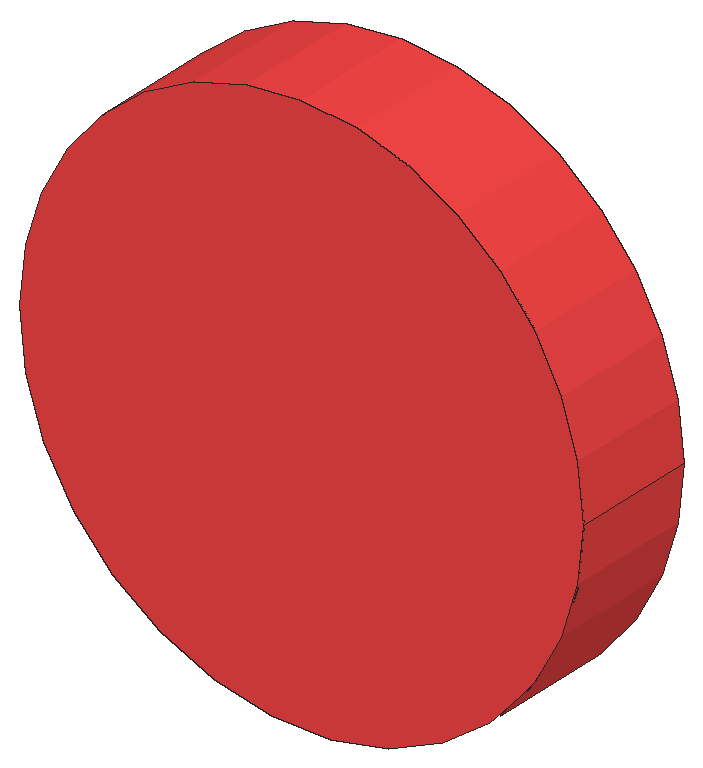
Revit family "Задание_Круглая_Стена_БезОсновы", category Окна, Revit 2019
Family settings
  На основе рабочей плоскости = Нет
  Всегда вертикально = Да
  При загрузке вырезать с полостями = Нет
  Общий = Да
  Точка расчета площади = Нет
Parameters (values of type "Отверстие с гильзой")
  Width = 0 mm  # constant formula
  ТолщинаОсновы [instance] = 100 mm
  Состояние [instance] = yes
  Согласованно [instance] = not(Несогласованно)  # no
  Смещение дуги [instance] = Размер_Диаметр / 4  # 112.5 mm
  Размер_Диаметр [instance] = if(Гильза, Диаметр гильзы, Диаметр отверстия)  # 450 mm
  Rough Width = 0 mm  # constant formula
  Rough Height = 0 mm  # constant formula
  Позиция [instance] = "1"
  Отверстие_Толщина стенки [instance] = 4 mm
  Отверстие_Отметка этажа [instance] = 0 mm
  Отверстие_Отметка от этажа [instance] = 0 mm
  Отверстие_Отметка от нуля [instance] = Отверстие_Отметка этажа + Отверстие_Отметка от этажа  # 0 mm
  Отверстие_Дисциплина [instance] = ""
  Отверстие_Дата [instance] = ""
  Отверстие = not(Гильза)  # yes
  Несогласованно [instance] = yes
  Материал стены [instance] = ""
  Группа модели = "Задание"  # constant formula
  Видимость_Вниз [instance] = 0 mm
  Видимость_Вверх [instance] = 0 mm
  Коллизии [instance] = ""
  Инструкция [instance] = "https://drive.google.com/open?id=1dWthfLxqsksj-u4klXlJBslAAIWb7P7Y"
  Диаметр отверстия [instance] = 450 mm
  Диаметр гильзы [instance] = 250 mm
  Гильза = no
  Height = 0 mm  # constant formula
  Аналитическая конструкция = "<Нет>"
  Y [instance] = 0
  X [instance] = 0
Types (2, lengths in mm): name | Согласованно | Смещение дуги | Размер_Диаметр | Несогласованно | Диаметр отверстия | Диаметр гильзы
  Круглое отверстие | yes | 25 | 100 | no | 100 | 100
  Отверстие с гильзой | no | 112.5 | 450 | yes | 450 | 250
Reference planes
  plane 1 "По центру (Вперед/Назад)": y = 0
  plane 2: z = 0
  plane 3 "По центру (Влево/Вправо)": x = 0
  plane 4 "Y верх": y = 100
  plane 5 "Н низ": y = 0
  plane 6: z = 225
  plane 7 "Линия ВЕРХ": z = 225
  plane 8 "Линия НИЗ": z = -225
  plane 9: z = -225
  plane 10 "Центр отверстия": through (-6.856, -1524, -6.856) normal (-0.7071, 0, 0.7071)
  plane 11 "Смещение вн. дуги от центра": through (72.693, -1524, -86.406) normal (-0.7071, 0, 0.7071)
  plane 12 "ОП СимЛин ЛВ": x = -225
  plane 13 "ОП СимЛин ПР": x = 225
  plane 14: x = -10
  plane 15: x = 10
  plane 16: z = -10
  plane 17: z = 10
  plane 18: z = -20
  plane 19: z = 20
  plane 20: x = 20
  plane 21: x = -20
  plane 22: z = -230
  plane 23: z = 230
  plane 24: x = -230
  plane 25: x = 230
Forms (mm)
  Extrusion 1, solid, material "Несогласовано", visible <- "Несогласованно"
    sketch origin (0, 0, 0) x (1, 0, 0) y (0, 0, 1)
      loop
        circle (0, 0) r 225
    from -100 to 0
  Extrusion 2, solid, material "Согласовано", visible <- "Согласованно"
    sketch origin (0, 0, 0) x (1, 0, 0) y (0, 0, 1)
      loop
        circle (0, 0) r 225
    from -100 to 0
  Extrusion 3, solid, material "Состояние", visible <- "Состояние"
    sketch origin (0, 0, 0) x (1, 0, 0) y (0, 0, 1)
      loop
        circle (0, 0) r 225
    from -100 to 0
Lines and regions (mm)
  symbolic lines
    curve 1: line (225, 100, 0) -> (-225, 0, 0)
    curve 3: line (-225, 100, 0) -> (225, 100, 0)
    curve 4: line (-225, 0, 0) -> (-225, 100, 0)
    curve 5: line (225, 0, 0) -> (-225, 0, 0)
    curve 6: line (225, 100, 0) -> (225, 0, 0)
    curve 7: line (0, 100, 225) -> (0, 0, 225)
    curve 8: line (0, 100, -225) -> (0, 100, 225)
    curve 9: line (0, 0, -225) -> (0, 100, -225)
    curve 10: line (0, 0, 225) -> (0, 0, -225)
    curve 11: circle (0, 0, 0) r 225 normal (0, -1, 0)
    curve 12: line (-225, 0, 0) -> (225, 0, 0)
  model lines, style "InvisibleLines"
    curve 2: line (0, 0, -225) -> (0, 0, 225)
    curve 14: line (-27.399, 77.5, 0) -> (-19.899, 90, 0)
    curve 15: line (-34.899, 90, 0) -> (-27.399, 77.5, 0)
    curve 16: line (-12.399, 90, 0) -> (-12.399, 65, 0)
    curve 17: line (-12.399, 90, 0) -> (-10, 83.408, 0)
    curve 18: line (-12.399, 90, 0) -> (-14.799, 83.408, 0)
    curve 19: line (-12.399, 65, 0) -> (-10, 71.592, 0)
    curve 20: line (-12.399, 65, 0) -> (-14.799, 71.592, 0)
    curve 21: line (-27.399, 77.5, 0) -> (-27.399, 65, 0)
    curve 36: line (46.099, 36.771, 0) -> (24.886, 15.558, 0)
    curve 37: line (35.492, 26.164, 0) -> (46.099, 15.558, 0)
    curve 38: line (35.492, 26.164, 0) -> (24.886, 36.771, 0)
    curve 39: line (48.064, 7.581, 0) -> (23.064, 7.581, 0)
    curve 40: line (48.064, 7.581, 0) -> (41.471, 5.181, 0)
    curve 41: line (48.064, 7.581, 0) -> (41.471, 9.98, 0)
    curve 42: line (23.064, 7.581, 0) -> (29.656, 5.181, 0)
    curve 43: line (23.064, 7.581, 0) -> (29.656, 9.98, 0)
  symbolic lines, visible <- "Отверстие"
    curve 13: arc (159.099, 0, 159.099) -> (-98.329, 0, 98.329) -> (-159.099, 0, -159.099) r 251.558
  model lines, style "InvisibleLines", not visible
    curve 22: line (317.866, -74.537, 0) -> (325.366, -62.037, 0)
    curve 23: line (310.366, -62.037, 0) -> (317.866, -74.537, 0)
    curve 24: line (332.866, -62.037, 0) -> (332.866, -87.037, 0)
    curve 25: line (332.866, -62.037, 0) -> (335.266, -68.63, 0)
    curve 26: line (332.866, -62.037, 0) -> (330.467, -68.63, 0)
    curve 27: line (332.866, -87.037, 0) -> (335.266, -80.445, 0)
    curve 28: line (332.866, -87.037, 0) -> (330.467, -80.445, 0)
    curve 29: line (317.866, -74.537, 0) -> (317.866, -87.037, 0)
    curve 44: line (391.364, -115.267, 0) -> (370.151, -136.48, 0)
    curve 45: line (380.758, -125.873, 0) -> (391.364, -136.48, 0)
    curve 46: line (380.758, -125.873, 0) -> (370.151, -115.267, 0)
    curve 47: line (393.33, -144.456, 0) -> (368.33, -144.456, 0)
    curve 48: line (393.33, -144.456, 0) -> (386.737, -146.856, 0)
    curve 49: line (393.33, -144.456, 0) -> (386.737, -142.057, 0)
    curve 50: line (368.33, -144.456, 0) -> (374.922, -146.856, 0)
    curve 51: line (368.33, -144.456, 0) -> (374.922, -142.057, 0)
  symbolic lines, visible <- "Гильза"
    curve 30: line (0, 0, 10) -> (0, 0, -10)
    curve 31: line (-10, 0, 0) -> (10, 0, 0)
    curve 32: line (0, 0, -20) -> (0, 0, -230)
    curve 33: line (-20, 0, 0) -> (-230, 0, 0)
    curve 34: line (0, 0, 20) -> (0, 0, 230)
    curve 35: line (20, 0, 0) -> (230, 0, 0)
Dimensions and locks
  "ТолщинаОсновы": plane 5 "Н низ" to plane 4 "Y верх"
  equal spacing: plane 6, level, plane 9
  "Размер_Диаметр": plane 6 to plane 9
  "Видимость_Вниз": plane 9 to plane 8 "Линия НИЗ"
  "Видимость_Вверх": plane 7 "Линия ВЕРХ" to plane 6
  "Смещение дуги": plane 10 "Центр отверстия" to plane 11 "Смещение вн. дуги от центра"
  "Размер_Диаметр": plane 12 "ОП СимЛин ЛВ" to plane 13 "ОП СимЛин ПР"
  equal spacing: plane 12 "ОП СимЛин ЛВ", plane 3 "По центру (Влево/Вправо)", plane 13 "ОП СимЛин ПР"
  locked: plane 4 "Y верх" to curve 15 at 10
  locked: plane 24 to plane 12 "ОП СимЛин ЛВ" at 5
  locked: plane 13 "ОП СимЛин ПР" to plane 25 at 5
  locked: plane 23 to plane 7 "Линия ВЕРХ" at 5
  locked: plane 9 to plane 22 at 5
  locked: plane 17 to plane 16 at 20
  locked: plane 16 to plane 18 at 10
  locked: plane 19 to plane 17 at 10
  locked: plane 21 to plane 14 at 10
  locked: plane 14 to plane 15 at 20
  locked: plane 15 to plane 20 at 10
  "Размер_Диаметр": diameter of Extrusion 1 sketch curve
  "Размер_Диаметр": diameter of curve 11
  "Размер_Диаметр": diameter of Extrusion 2 sketch curve
  "Размер_Диаметр": diameter of Extrusion 3 sketch curve
  aligned and locked: level to plane 2
  aligned and locked: curve 2 to plane 3 "По центру (Влево/Вправо)"
  aligned and locked: curve 3 to plane 4 "Y верх"
  aligned and locked: curve 5 to plane 5 "Н низ"
  aligned and locked: Extrusion 1 to plane 4 "Y верх"
  aligned and locked: plane 5 "Н низ" to Extrusion 1
  aligned and locked: curve 7 to plane 6
  aligned and locked: plane 9 to curve 9
  aligned and locked: curve 8 to plane 4 "Y верх"
  aligned and locked: curve 10 to plane 5 "Н низ"
  aligned and locked: plane 3 "По центру (Влево/Вправо)" to curve 11
  aligned and locked: level to curve 11
  aligned and locked: plane 11 "Смещение вн. дуги от центра" to curve 13
  aligned and locked: curve 4 to plane 12 "ОП СимЛин ЛВ"
  aligned and locked: plane 13 "ОП СимЛин ПР" to curve 6
  aligned and locked: plane 3 "По центру (Влево/Вправо)" to curve 34
  aligned and locked: curve 30 to plane 3 "По центру (Влево/Вправо)"
  aligned and locked: curve 32 to plane 3 "По центру (Влево/Вправо)"
  aligned and locked: level to curve 33
  aligned and locked: curve 31 to level
  aligned and locked: curve 35 to level
  aligned and locked: plane 1 "По центру (Вперед/Назад)" to plane 5 "Н низ"
  aligned and locked: nested 1 to curve 3
Automatic sketch dimensions
  curve 14 to curve 16 = 15 mm
  curve 16 to curve 42 = 35.463 mm
  curve 42 to curve 40 = 25 mm
  curve 39 to curve 16 = 57.419 mm
  curve 16 to curve 15 = 12.5 mm
  curve 14 to curve 16 = 12.5 mm
  curve 15 to curve 14 = 7.5 mm
  curve 14 to curve 16 = 7.5 mm
  curve 18 to curve 16 = 2.399 mm
  curve 20 to curve 16 = 2.399 mm
  curve 18 to curve 17 = 4.799 mm
  curve 20 to curve 19 = 4.799 mm
  curve 39 to curve 38 = 1.822 mm
  curve 39 to curve 36 = 1.822 mm
  curve 42 to curve 42 = 6.592 mm
  curve 43 to curve 42 = 0 mm
  curve 36 to curve 37 = 10.607 mm
  curve 38 to curve 37 = 0 mm
  curve 40 to curve 39 = 6.592 mm
  curve 41 to curve 40 = 0 mm
  curve 38 to curve 36 = 10.607 mm
  curve 41 to curve 37 = 4.627 mm
  curve 40 to curve 39 = 2.399 mm
  curve 42 to curve 42 = 2.399 mm
  curve 40 to curve 41 = 4.799 mm
  curve 42 to curve 43 = 4.799 mm
  curve 41 to curve 37 = 5.577 mm
  curve 43 to curve 36 = 5.577 mm
  curve 21 to curve 14 = 12.5 mm
  curve 16 to curve 19 = 6.592 mm
  curve 20 to curve 19 = 0 mm
  curve 18 to curve 16 = 6.592 mm
  curve 18 to curve 17 = 0 mm
  curve 14 to curve 15 = 12.5 mm
  curve 14 to curve 16 = 0 mm
  curve 22 to curve 24 = 15 mm
  curve 24 to curve 50 = 35.463 mm
  curve 50 to curve 48 = 25 mm
  curve 47 to curve 24 = 57.419 mm
  curve 24 to curve 23 = 12.5 mm
  curve 22 to curve 24 = 12.5 mm
  curve 23 to curve 22 = 7.5 mm
  curve 22 to curve 24 = 7.5 mm
  curve 26 to curve 24 = 2.399 mm
  curve 28 to curve 24 = 2.399 mm
  curve 26 to curve 25 = 4.799 mm
  curve 28 to curve 27 = 4.799 mm
  curve 47 to curve 46 = 1.822 mm
  curve 47 to curve 44 = 1.822 mm
  curve 50 to curve 50 = 6.592 mm
  curve 51 to curve 50 = 0 mm
  curve 44 to curve 45 = 10.607 mm
  curve 46 to curve 45 = 0 mm
  curve 48 to curve 47 = 6.592 mm
  curve 49 to curve 48 = 0 mm
  curve 46 to curve 44 = 10.607 mm
  curve 49 to curve 45 = 4.627 mm
  curve 48 to curve 47 = 2.399 mm
  curve 50 to curve 50 = 2.399 mm
  curve 48 to curve 49 = 4.799 mm
  curve 50 to curve 51 = 4.799 mm
  curve 49 to curve 45 = 5.577 mm
  curve 51 to curve 44 = 5.577 mm
  curve 29 to curve 22 = 12.5 mm
  curve 24 to curve 27 = 6.592 mm
  curve 28 to curve 27 = 0 mm
  curve 26 to curve 24 = 6.592 mm
  curve 26 to curve 25 = 0 mm
  curve 22 to curve 23 = 12.5 mm
  curve 22 to curve 24 = 0 mm
  plane 24 to curve 33 = 0 mm
  plane 10 "Центр отверстия" to curve 13 = 0 mm
  plane 21 to curve 33 = 0 mm
  plane 14 to curve 31 = 0 mm
  plane 15 to curve 31 = 0 mm
  plane 20 to curve 35 = 0 mm
  curve 13 to plane 10 "Центр отверстия" = 0 mm
  plane 25 to curve 35 = 0 mm
  curve 32 to plane 22 = 0 mm
  curve 32 to plane 18 = 0 mm
  curve 30 to plane 16 = 0 mm
  curve 30 to plane 17 = 0 mm
  curve 34 to plane 19 = 0 mm
  curve 34 to plane 23 = 0 mm
  Extrusion 1 sketch curve to level = 0 mm
  Extrusion 1 sketch curve to plane 3 "По центру (Влево/Вправо)" = 0 mm
  Extrusion 2 sketch curve to level = 0 mm
  Extrusion 2 sketch curve to plane 3 "По центру (Влево/Вправо)" = 0 mm
  Extrusion 3 sketch curve to level = 0 mm
  Extrusion 3 sketch curve to plane 3 "По центру (Влево/Вправо)" = 0 mm
Nested families
  nested 1: "Заполнение (план)" at (0, -100, 0), Красный <- "Несогласованно", Masking length <- "Размер_Диаметр", Masking depth <- "ТолщинаОсновы", type "Красный"
    with Черный no, Красный yes, Masking length 450 mm, Masking depth 100 mm
Definition of nested family "Заполнение (план)"
  Parameters (values of type "Красный")
    Черный [instance] = not(Красный)  # no
    Красный [instance] = yes
    Assembly Code = ""
    Masking length [instance] = 400 mm
    Masking depth [instance] = 250 mm
  Types (3, lengths in mm): name | Черный | Красный | Masking depth
    Красный | no | yes | 250
    Чёрный | yes | no | 300
    Стандарт | yes | no | 300
  Reference planes
    plane 1 "Break Line": y = 25
    plane 2: z = 0
    plane 3: x = -200
    plane 4: x = 200
    plane 5: y = 275
    plane 6: x = 0
    plane 7: y = 150
  Lines and regions (mm)
    Filled region 1, type "Черный", in view "Ground floor", visible <- "Черный"
      outline origin (0, 0, 0) x (1, 0, 0) y (0, 1, 0)
        loop
          line (-200, 25) -> (200, 25) -> (200, 275) -> (-200, 275) -> (-200, 25)
    Filled region 2, type "Красный", in view "Ground floor", visible <- "Красный"
      outline origin (0, 0, 0) x (1, 0, 0) y (0, 1, 0)
        loop
          line (-200, 25) -> (200, 25) -> (200, 275) -> (-200, 275) -> (-200, 25)
    detail lines, in view "Ground floor"
      curve 1: line (-200, 275, 0) -> (200, 25, 0)
      curve 2: line (-200, 25, 0) -> (200, 275, 0)
  Dimensions and locks
    "Masking depth": plane 1 "Break Line" to plane 5
    "Masking length": plane 3 to plane 4
    equal spacing: plane 3, plane 6, plane 4
    equal spacing: plane 1 "Break Line", plane 7, plane 5
    aligned and locked: plane 3 to Filled region 1
    aligned and locked: plane 5 to Filled region 1 sketch curve
    aligned and locked: plane 1 "Break Line" to Filled region 1 sketch curve
    aligned and locked: plane 4 to Filled region 1 sketch curve
    aligned and locked: Filled region 1 sketch curve to plane 3
    aligned and locked: plane 5 to curve 1
    aligned and locked: plane 4 to curve 1
    aligned and locked: plane 3 to curve 2
    aligned and locked: plane 5 to curve 2
    aligned and locked: Filled region 2 to plane 4
    aligned and locked: Filled region 2 to plane 5
    aligned and locked: plane 3 to Filled region 2
    aligned and locked: plane 1 "Break Line" to Filled region 2
    aligned and locked: Filled region 2 sketch curve to plane 3
    aligned and locked: plane 4 to Filled region 2 sketch curve
    aligned and locked: plane 5 to Filled region 2 sketch curve
    aligned and locked: plane 1 "Break Line" to Filled region 2 sketch curve
  Automatic sketch dimensions
    curve 1 to plane 3 = 0 mm
    curve 2 to plane 4 = 0 mm
    plane 1 "Break Line" to curve 1 = 0 mm
    plane 1 "Break Line" to curve 2 = 0 mm
